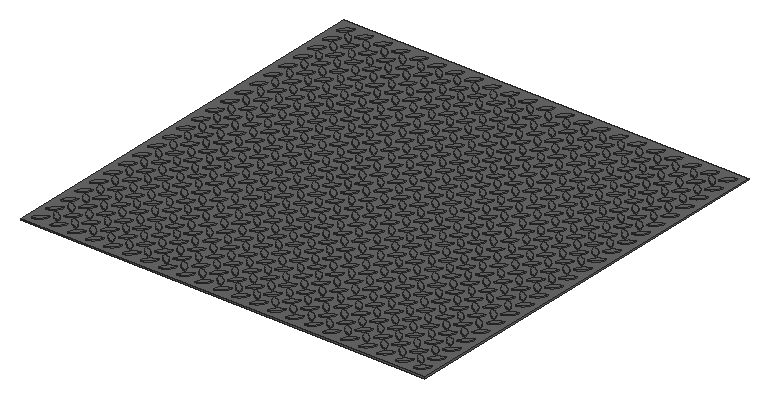
Revit family "141012021113804", category Modelos genéricos, Revit 2018
Family settings
  Puede alojar armadura = No
  Cota de conector redondo = Diámetro de uso
  Tipo de pieza = Normal
  Se basa en plano de trabajo = No
  Siempre vertical = No
  Corte con vacíos al cargar = No
  Compartido = No
  Punto de cálculo de habitación = No
Parameters (values of type "PISO DIAMANTADO GOMA 1MTX3MM NEGRO ROLLO 20MT")
  Ventajas = ""
  Uso = "Es un producto que se puede instala en los descansos de las escaleras o tambien en\r\npisos de medio o alto tráfico cómo pasillos de edificios, aeropuertos, entre otros. Es una\r\nsolución fabricada en caucho natural con diseños antideslizantes. Ideal para: Edificios Públicos y Privados, Colegios, Universidades, Centros comerciales, Aeropuertos, Hoteles,\r\nEdificios Habitacionales, entre otros."
  Unidad = "Rollo 20m."
  URL = "https://www.empresascnp.cl/"
  Num SKUs = "141012021113804"
  Nombre SKU = "PISO DIAMANTADO GOMA 1MTX3MM NEGRO ROLLO 20MT"
  Modelo = "PISO DIAMANTADO GOMA"
  Material = Goma negro
  Url Ficha tecnica = "https://empresascnp.cl/wp-content/uploads//pdf/ficha-tecnica-piso-estoperol-goma-1mtx3mm-negro-rollo-20mt.pdf"
  Largo = 1000.00 mm
  Espesor = 3.00 mm
  Empresa = "CNP SPA."
  Dureza = ""
  Dimension = 1000.00 mm
  Descripción = "Piso Diamantado antideslizante"
  Contacto = "info@empresascnp.cl"
  Color = "Negro"
  Aplicacion = "Donde se requiera una solucion antideslizante en solados."
  Alto = 3.00 mm
Reference planes
  plane 1 "Center F/B": y = 0
  plane 2: z = 0
  plane 3 "Center L/R": x = 0
  plane 4: z = -8
  plane 5 "2": y = 500
  plane 6 "3": y = -500
  plane 7: x = 1000
  plane 8: z = -2
  plane 9 "4": x = 2
Forms (mm)
  Extrusion 1, solid, material "Goma negro" <- "Material"
    sketch origin (0, 0, 4) x (1, 0, 0) y (0, 0, 1)
      loop
        line (0, -4) -> (0, -7) -> (1000, -7) -> (1000, -4) -> (0, -4)
    from -500 to 500
  Blend 2, solid, material "Goma negro" <- "Material", detail levels fine
    base sketch origin (628.555, 305.994, 0) x (0.707107, -0.707107, 0) y (0.707107, 0.707107, 0)
      loop
        arc (792.83, -290.22) -> (787.479, -307.273) -> (792.83, -324.327) r 29.852
        arc (792.83, -324.327) -> (793.684, -324.773) -> (794.539, -324.327) r 1.041
        arc (794.539, -324.327) -> (799.889, -307.273) -> (794.539, -290.22) r 29.852
        arc (794.539, -290.22) -> (793.684, -289.773) -> (792.83, -290.22) r 1.041
    top sketch origin (628.555, 305.994, 0) x (0.707107, -0.707107, 0) y (0.707107, 0.707107, 0)
      loop
        arc (792.83, -290.22) -> (787.479, -307.273) -> (792.83, -324.327) r 29.852
        arc (792.83, -324.327) -> (793.684, -324.773) -> (794.539, -324.327) r 1.041
        arc (794.539, -324.327) -> (799.889, -307.273) -> (794.539, -290.22) r 29.852
        arc (794.539, -290.22) -> (793.684, -289.773) -> (792.83, -290.22) r 1.041
    from 0 to 1
  Blend 3, solid, material "Goma negro" <- "Material", detail levels fine
    base sketch origin (583.555, 305.994, 0) x (0.707107, -0.707107, 0) y (0.707107, 0.707107, 0)
      loop
        arc (792.83, -290.22) -> (787.479, -307.273) -> (792.83, -324.327) r 29.852
        arc (792.83, -324.327) -> (793.684, -324.773) -> (794.539, -324.327) r 1.041
        arc (794.539, -324.327) -> (799.889, -307.273) -> (794.539, -290.22) r 29.852
        arc (794.539, -290.22) -> (793.684, -289.773) -> (792.83, -290.22) r 1.041
    top sketch origin (583.555, 305.994, 0) x (0.707107, -0.707107, 0) y (0.707107, 0.707107, 0)
      loop
        arc (792.83, -290.22) -> (787.479, -307.273) -> (792.83, -324.327) r 29.852
        arc (792.83, -324.327) -> (793.684, -324.773) -> (794.539, -324.327) r 1.041
        arc (794.539, -324.327) -> (799.889, -307.273) -> (794.539, -290.22) r 29.852
        arc (794.539, -290.22) -> (793.684, -289.773) -> (792.83, -290.22) r 1.041
    from 0 to 1
  Blend 4, solid, material "Goma negro" <- "Material", detail levels fine
    base sketch origin (1728.494, -106.055, 0) x (-0.707107, -0.707107, 0) y (0.707107, -0.707107, 0)
      loop
        arc (792.83, -290.22) -> (787.479, -307.273) -> (792.83, -324.327) r 29.852
        arc (792.83, -324.327) -> (793.684, -324.773) -> (794.539, -324.327) r 1.041
        arc (794.539, -324.327) -> (799.889, -307.273) -> (794.539, -290.22) r 29.852
        arc (794.539, -290.22) -> (793.684, -289.773) -> (792.83, -290.22) r 1.041
    top sketch origin (1728.494, -106.055, 0) x (-0.707107, -0.707107, 0) y (0.707107, -0.707107, 0)
      loop
        arc (792.83, -290.22) -> (787.479, -307.273) -> (792.83, -324.327) r 29.852
        arc (792.83, -324.327) -> (793.684, -324.773) -> (794.539, -324.327) r 1.041
        arc (794.539, -324.327) -> (799.889, -307.273) -> (794.539, -290.22) r 29.852
        arc (794.539, -290.22) -> (793.684, -289.773) -> (792.83, -290.22) r 1.041
    from 0 to 1
  Blend 5, solid, material "Goma negro" <- "Material", detail levels fine
    base sketch origin (538.555, 305.994, 0) x (0.707107, -0.707107, 0) y (0.707107, 0.707107, 0)
      loop
        arc (792.83, -290.22) -> (787.479, -307.273) -> (792.83, -324.327) r 29.852
        arc (792.83, -324.327) -> (793.684, -324.773) -> (794.539, -324.327) r 1.041
        arc (794.539, -324.327) -> (799.889, -307.273) -> (794.539, -290.22) r 29.852
        arc (794.539, -290.22) -> (793.684, -289.773) -> (792.83, -290.22) r 1.041
    top sketch origin (538.555, 305.994, 0) x (0.707107, -0.707107, 0) y (0.707107, 0.707107, 0)
      loop
        arc (792.83, -290.22) -> (787.479, -307.273) -> (792.83, -324.327) r 29.852
        arc (792.83, -324.327) -> (793.684, -324.773) -> (794.539, -324.327) r 1.041
        arc (794.539, -324.327) -> (799.889, -307.273) -> (794.539, -290.22) r 29.852
        arc (794.539, -290.22) -> (793.684, -289.773) -> (792.83, -290.22) r 1.041
    from 0 to 1
  Blend 6, solid, material "Goma negro" <- "Material", detail levels fine
    base sketch origin (1683.494, -106.055, 0) x (-0.707107, -0.707107, 0) y (0.707107, -0.707107, 0)
      loop
        arc (792.83, -290.22) -> (787.479, -307.273) -> (792.83, -324.327) r 29.852
        arc (792.83, -324.327) -> (793.684, -324.773) -> (794.539, -324.327) r 1.041
        arc (794.539, -324.327) -> (799.889, -307.273) -> (794.539, -290.22) r 29.852
        arc (794.539, -290.22) -> (793.684, -289.773) -> (792.83, -290.22) r 1.041
    top sketch origin (1683.494, -106.055, 0) x (-0.707107, -0.707107, 0) y (0.707107, -0.707107, 0)
      loop
        arc (792.83, -290.22) -> (787.479, -307.273) -> (792.83, -324.327) r 29.852
        arc (792.83, -324.327) -> (793.684, -324.773) -> (794.539, -324.327) r 1.041
        arc (794.539, -324.327) -> (799.889, -307.273) -> (794.539, -290.22) r 29.852
        arc (794.539, -290.22) -> (793.684, -289.773) -> (792.83, -290.22) r 1.041
    from 0 to 1
  Blend 7, solid, material "Goma negro" <- "Material", detail levels fine
    base sketch origin (493.555, 305.994, 0) x (0.707107, -0.707107, 0) y (0.707107, 0.707107, 0)
      loop
        arc (792.83, -290.22) -> (787.479, -307.273) -> (792.83, -324.327) r 29.852
        arc (792.83, -324.327) -> (793.684, -324.773) -> (794.539, -324.327) r 1.041
        arc (794.539, -324.327) -> (799.889, -307.273) -> (794.539, -290.22) r 29.852
        arc (794.539, -290.22) -> (793.684, -289.773) -> (792.83, -290.22) r 1.041
    top sketch origin (493.555, 305.994, 0) x (0.707107, -0.707107, 0) y (0.707107, 0.707107, 0)
      loop
        arc (792.83, -290.22) -> (787.479, -307.273) -> (792.83, -324.327) r 29.852
        arc (792.83, -324.327) -> (793.684, -324.773) -> (794.539, -324.327) r 1.041
        arc (794.539, -324.327) -> (799.889, -307.273) -> (794.539, -290.22) r 29.852
        arc (794.539, -290.22) -> (793.684, -289.773) -> (792.83, -290.22) r 1.041
    from 0 to 1
  Blend 8, solid, material "Goma negro" <- "Material", detail levels fine
    base sketch origin (1638.494, -106.055, 0) x (-0.707107, -0.707107, 0) y (0.707107, -0.707107, 0)
      loop
        arc (792.83, -290.22) -> (787.479, -307.273) -> (792.83, -324.327) r 29.852
        arc (792.83, -324.327) -> (793.684, -324.773) -> (794.539, -324.327) r 1.041
        arc (794.539, -324.327) -> (799.889, -307.273) -> (794.539, -290.22) r 29.852
        arc (794.539, -290.22) -> (793.684, -289.773) -> (792.83, -290.22) r 1.041
    top sketch origin (1638.494, -106.055, 0) x (-0.707107, -0.707107, 0) y (0.707107, -0.707107, 0)
      loop
        arc (792.83, -290.22) -> (787.479, -307.273) -> (792.83, -324.327) r 29.852
        arc (792.83, -324.327) -> (793.684, -324.773) -> (794.539, -324.327) r 1.041
        arc (794.539, -324.327) -> (799.889, -307.273) -> (794.539, -290.22) r 29.852
        arc (794.539, -290.22) -> (793.684, -289.773) -> (792.83, -290.22) r 1.041
    from 0 to 1
  Blend 9, solid, material "Goma negro" <- "Material", detail levels fine
    base sketch origin (448.555, 305.994, 0) x (0.707107, -0.707107, 0) y (0.707107, 0.707107, 0)
      loop
        arc (792.83, -290.22) -> (787.479, -307.273) -> (792.83, -324.327) r 29.852
        arc (792.83, -324.327) -> (793.684, -324.773) -> (794.539, -324.327) r 1.041
        arc (794.539, -324.327) -> (799.889, -307.273) -> (794.539, -290.22) r 29.852
        arc (794.539, -290.22) -> (793.684, -289.773) -> (792.83, -290.22) r 1.041
    top sketch origin (448.555, 305.994, 0) x (0.707107, -0.707107, 0) y (0.707107, 0.707107, 0)
      loop
        arc (792.83, -290.22) -> (787.479, -307.273) -> (792.83, -324.327) r 29.852
        arc (792.83, -324.327) -> (793.684, -324.773) -> (794.539, -324.327) r 1.041
        arc (794.539, -324.327) -> (799.889, -307.273) -> (794.539, -290.22) r 29.852
        arc (794.539, -290.22) -> (793.684, -289.773) -> (792.83, -290.22) r 1.041
    from 0 to 1
  Blend 10, solid, material "Goma negro" <- "Material", detail levels fine
    base sketch origin (1593.494, -106.055, 0) x (-0.707107, -0.707107, 0) y (0.707107, -0.707107, 0)
      loop
        arc (792.83, -290.22) -> (787.479, -307.273) -> (792.83, -324.327) r 29.852
        arc (792.83, -324.327) -> (793.684, -324.773) -> (794.539, -324.327) r 1.041
        arc (794.539, -324.327) -> (799.889, -307.273) -> (794.539, -290.22) r 29.852
        arc (794.539, -290.22) -> (793.684, -289.773) -> (792.83, -290.22) r 1.041
    top sketch origin (1593.494, -106.055, 0) x (-0.707107, -0.707107, 0) y (0.707107, -0.707107, 0)
      loop
        arc (792.83, -290.22) -> (787.479, -307.273) -> (792.83, -324.327) r 29.852
        arc (792.83, -324.327) -> (793.684, -324.773) -> (794.539, -324.327) r 1.041
        arc (794.539, -324.327) -> (799.889, -307.273) -> (794.539, -290.22) r 29.852
        arc (794.539, -290.22) -> (793.684, -289.773) -> (792.83, -290.22) r 1.041
    from 0 to 1
  Blend 11, solid, material "Goma negro" <- "Material", detail levels fine
    base sketch origin (403.555, 305.994, 0) x (0.707107, -0.707107, 0) y (0.707107, 0.707107, 0)
      loop
        arc (792.83, -290.22) -> (787.479, -307.273) -> (792.83, -324.327) r 29.852
        arc (792.83, -324.327) -> (793.684, -324.773) -> (794.539, -324.327) r 1.041
        arc (794.539, -324.327) -> (799.889, -307.273) -> (794.539, -290.22) r 29.852
        arc (794.539, -290.22) -> (793.684, -289.773) -> (792.83, -290.22) r 1.041
    top sketch origin (403.555, 305.994, 0) x (0.707107, -0.707107, 0) y (0.707107, 0.707107, 0)
      loop
        arc (792.83, -290.22) -> (787.479, -307.273) -> (792.83, -324.327) r 29.852
        arc (792.83, -324.327) -> (793.684, -324.773) -> (794.539, -324.327) r 1.041
        arc (794.539, -324.327) -> (799.889, -307.273) -> (794.539, -290.22) r 29.852
        arc (794.539, -290.22) -> (793.684, -289.773) -> (792.83, -290.22) r 1.041
    from 0 to 1
  Blend 12, solid, material "Goma negro" <- "Material", detail levels fine
    base sketch origin (1548.494, -106.055, 0) x (-0.707107, -0.707107, 0) y (0.707107, -0.707107, 0)
      loop
        arc (792.83, -290.22) -> (787.479, -307.273) -> (792.83, -324.327) r 29.852
        arc (792.83, -324.327) -> (793.684, -324.773) -> (794.539, -324.327) r 1.041
        arc (794.539, -324.327) -> (799.889, -307.273) -> (794.539, -290.22) r 29.852
        arc (794.539, -290.22) -> (793.684, -289.773) -> (792.83, -290.22) r 1.041
    top sketch origin (1548.494, -106.055, 0) x (-0.707107, -0.707107, 0) y (0.707107, -0.707107, 0)
      loop
        arc (792.83, -290.22) -> (787.479, -307.273) -> (792.83, -324.327) r 29.852
        arc (792.83, -324.327) -> (793.684, -324.773) -> (794.539, -324.327) r 1.041
        arc (794.539, -324.327) -> (799.889, -307.273) -> (794.539, -290.22) r 29.852
        arc (794.539, -290.22) -> (793.684, -289.773) -> (792.83, -290.22) r 1.041
    from 0 to 1
  Blend 13, solid, material "Goma negro" <- "Material", detail levels fine
    base sketch origin (358.555, 305.994, 0) x (0.707107, -0.707107, 0) y (0.707107, 0.707107, 0)
      loop
        arc (792.83, -290.22) -> (787.479, -307.273) -> (792.83, -324.327) r 29.852
        arc (792.83, -324.327) -> (793.684, -324.773) -> (794.539, -324.327) r 1.041
        arc (794.539, -324.327) -> (799.889, -307.273) -> (794.539, -290.22) r 29.852
        arc (794.539, -290.22) -> (793.684, -289.773) -> (792.83, -290.22) r 1.041
    top sketch origin (358.555, 305.994, 0) x (0.707107, -0.707107, 0) y (0.707107, 0.707107, 0)
      loop
        arc (792.83, -290.22) -> (787.479, -307.273) -> (792.83, -324.327) r 29.852
        arc (792.83, -324.327) -> (793.684, -324.773) -> (794.539, -324.327) r 1.041
        arc (794.539, -324.327) -> (799.889, -307.273) -> (794.539, -290.22) r 29.852
        arc (794.539, -290.22) -> (793.684, -289.773) -> (792.83, -290.22) r 1.041
    from 0 to 1
  Blend 14, solid, material "Goma negro" <- "Material", detail levels fine
    base sketch origin (1503.494, -106.055, 0) x (-0.707107, -0.707107, 0) y (0.707107, -0.707107, 0)
      loop
        arc (792.83, -290.22) -> (787.479, -307.273) -> (792.83, -324.327) r 29.852
        arc (792.83, -324.327) -> (793.684, -324.773) -> (794.539, -324.327) r 1.041
        arc (794.539, -324.327) -> (799.889, -307.273) -> (794.539, -290.22) r 29.852
        arc (794.539, -290.22) -> (793.684, -289.773) -> (792.83, -290.22) r 1.041
    top sketch origin (1503.494, -106.055, 0) x (-0.707107, -0.707107, 0) y (0.707107, -0.707107, 0)
      loop
        arc (792.83, -290.22) -> (787.479, -307.273) -> (792.83, -324.327) r 29.852
        arc (792.83, -324.327) -> (793.684, -324.773) -> (794.539, -324.327) r 1.041
        arc (794.539, -324.327) -> (799.889, -307.273) -> (794.539, -290.22) r 29.852
        arc (794.539, -290.22) -> (793.684, -289.773) -> (792.83, -290.22) r 1.041
    from 0 to 1
  Blend 15, solid, material "Goma negro" <- "Material", detail levels fine
    base sketch origin (313.555, 305.994, 0) x (0.707107, -0.707107, 0) y (0.707107, 0.707107, 0)
      loop
        arc (792.83, -290.22) -> (787.479, -307.273) -> (792.83, -324.327) r 29.852
        arc (792.83, -324.327) -> (793.684, -324.773) -> (794.539, -324.327) r 1.041
        arc (794.539, -324.327) -> (799.889, -307.273) -> (794.539, -290.22) r 29.852
        arc (794.539, -290.22) -> (793.684, -289.773) -> (792.83, -290.22) r 1.041
    top sketch origin (313.555, 305.994, 0) x (0.707107, -0.707107, 0) y (0.707107, 0.707107, 0)
      loop
        arc (792.83, -290.22) -> (787.479, -307.273) -> (792.83, -324.327) r 29.852
        arc (792.83, -324.327) -> (793.684, -324.773) -> (794.539, -324.327) r 1.041
        arc (794.539, -324.327) -> (799.889, -307.273) -> (794.539, -290.22) r 29.852
        arc (794.539, -290.22) -> (793.684, -289.773) -> (792.83, -290.22) r 1.041
    from 0 to 1
  Blend 16, solid, material "Goma negro" <- "Material", detail levels fine
    base sketch origin (1458.494, -106.055, 0) x (-0.707107, -0.707107, 0) y (0.707107, -0.707107, 0)
      loop
        arc (792.83, -290.22) -> (787.479, -307.273) -> (792.83, -324.327) r 29.852
        arc (792.83, -324.327) -> (793.684, -324.773) -> (794.539, -324.327) r 1.041
        arc (794.539, -324.327) -> (799.889, -307.273) -> (794.539, -290.22) r 29.852
        arc (794.539, -290.22) -> (793.684, -289.773) -> (792.83, -290.22) r 1.041
    top sketch origin (1458.494, -106.055, 0) x (-0.707107, -0.707107, 0) y (0.707107, -0.707107, 0)
      loop
        arc (792.83, -290.22) -> (787.479, -307.273) -> (792.83, -324.327) r 29.852
        arc (792.83, -324.327) -> (793.684, -324.773) -> (794.539, -324.327) r 1.041
        arc (794.539, -324.327) -> (799.889, -307.273) -> (794.539, -290.22) r 29.852
        arc (794.539, -290.22) -> (793.684, -289.773) -> (792.83, -290.22) r 1.041
    from 0 to 1
  Blend 17, solid, material "Goma negro" <- "Material", detail levels fine
    base sketch origin (268.555, 305.994, 0) x (0.707107, -0.707107, 0) y (0.707107, 0.707107, 0)
      loop
        arc (792.83, -290.22) -> (787.479, -307.273) -> (792.83, -324.327) r 29.852
        arc (792.83, -324.327) -> (793.684, -324.773) -> (794.539, -324.327) r 1.041
        arc (794.539, -324.327) -> (799.889, -307.273) -> (794.539, -290.22) r 29.852
        arc (794.539, -290.22) -> (793.684, -289.773) -> (792.83, -290.22) r 1.041
    top sketch origin (268.555, 305.994, 0) x (0.707107, -0.707107, 0) y (0.707107, 0.707107, 0)
      loop
        arc (792.83, -290.22) -> (787.479, -307.273) -> (792.83, -324.327) r 29.852
        arc (792.83, -324.327) -> (793.684, -324.773) -> (794.539, -324.327) r 1.041
        arc (794.539, -324.327) -> (799.889, -307.273) -> (794.539, -290.22) r 29.852
        arc (794.539, -290.22) -> (793.684, -289.773) -> (792.83, -290.22) r 1.041
    from 0 to 1
  Blend 18, solid, material "Goma negro" <- "Material", detail levels fine
    base sketch origin (1413.494, -106.055, 0) x (-0.707107, -0.707107, 0) y (0.707107, -0.707107, 0)
      loop
        arc (792.83, -290.22) -> (787.479, -307.273) -> (792.83, -324.327) r 29.852
        arc (792.83, -324.327) -> (793.684, -324.773) -> (794.539, -324.327) r 1.041
        arc (794.539, -324.327) -> (799.889, -307.273) -> (794.539, -290.22) r 29.852
        arc (794.539, -290.22) -> (793.684, -289.773) -> (792.83, -290.22) r 1.041
    top sketch origin (1413.494, -106.055, 0) x (-0.707107, -0.707107, 0) y (0.707107, -0.707107, 0)
      loop
        arc (792.83, -290.22) -> (787.479, -307.273) -> (792.83, -324.327) r 29.852
        arc (792.83, -324.327) -> (793.684, -324.773) -> (794.539, -324.327) r 1.041
        arc (794.539, -324.327) -> (799.889, -307.273) -> (794.539, -290.22) r 29.852
        arc (794.539, -290.22) -> (793.684, -289.773) -> (792.83, -290.22) r 1.041
    from 0 to 1
  Blend 19, solid, material "Goma negro" <- "Material", detail levels fine
    base sketch origin (223.555, 305.994, 0) x (0.707107, -0.707107, 0) y (0.707107, 0.707107, 0)
      loop
        arc (792.83, -290.22) -> (787.479, -307.273) -> (792.83, -324.327) r 29.852
        arc (792.83, -324.327) -> (793.684, -324.773) -> (794.539, -324.327) r 1.041
        arc (794.539, -324.327) -> (799.889, -307.273) -> (794.539, -290.22) r 29.852
        arc (794.539, -290.22) -> (793.684, -289.773) -> (792.83, -290.22) r 1.041
    top sketch origin (223.555, 305.994, 0) x (0.707107, -0.707107, 0) y (0.707107, 0.707107, 0)
      loop
        arc (792.83, -290.22) -> (787.479, -307.273) -> (792.83, -324.327) r 29.852
        arc (792.83, -324.327) -> (793.684, -324.773) -> (794.539, -324.327) r 1.041
        arc (794.539, -324.327) -> (799.889, -307.273) -> (794.539, -290.22) r 29.852
        arc (794.539, -290.22) -> (793.684, -289.773) -> (792.83, -290.22) r 1.041
    from 0 to 1
  Blend 20, solid, material "Goma negro" <- "Material", detail levels fine
    base sketch origin (1368.494, -106.055, 0) x (-0.707107, -0.707107, 0) y (0.707107, -0.707107, 0)
      loop
        arc (792.83, -290.22) -> (787.479, -307.273) -> (792.83, -324.327) r 29.852
        arc (792.83, -324.327) -> (793.684, -324.773) -> (794.539, -324.327) r 1.041
        arc (794.539, -324.327) -> (799.889, -307.273) -> (794.539, -290.22) r 29.852
        arc (794.539, -290.22) -> (793.684, -289.773) -> (792.83, -290.22) r 1.041
    top sketch origin (1368.494, -106.055, 0) x (-0.707107, -0.707107, 0) y (0.707107, -0.707107, 0)
      loop
        arc (792.83, -290.22) -> (787.479, -307.273) -> (792.83, -324.327) r 29.852
        arc (792.83, -324.327) -> (793.684, -324.773) -> (794.539, -324.327) r 1.041
        arc (794.539, -324.327) -> (799.889, -307.273) -> (794.539, -290.22) r 29.852
        arc (794.539, -290.22) -> (793.684, -289.773) -> (792.83, -290.22) r 1.041
    from 0 to 1
  Blend 21, solid, material "Goma negro" <- "Material", detail levels fine
    base sketch origin (178.555, 305.994, 0) x (0.707107, -0.707107, 0) y (0.707107, 0.707107, 0)
      loop
        arc (792.83, -290.22) -> (787.479, -307.273) -> (792.83, -324.327) r 29.852
        arc (792.83, -324.327) -> (793.684, -324.773) -> (794.539, -324.327) r 1.041
        arc (794.539, -324.327) -> (799.889, -307.273) -> (794.539, -290.22) r 29.852
        arc (794.539, -290.22) -> (793.684, -289.773) -> (792.83, -290.22) r 1.041
    top sketch origin (178.555, 305.994, 0) x (0.707107, -0.707107, 0) y (0.707107, 0.707107, 0)
      loop
        arc (792.83, -290.22) -> (787.479, -307.273) -> (792.83, -324.327) r 29.852
        arc (792.83, -324.327) -> (793.684, -324.773) -> (794.539, -324.327) r 1.041
        arc (794.539, -324.327) -> (799.889, -307.273) -> (794.539, -290.22) r 29.852
        arc (794.539, -290.22) -> (793.684, -289.773) -> (792.83, -290.22) r 1.041
    from 0 to 1
  Blend 22, solid, material "Goma negro" <- "Material", detail levels fine
    base sketch origin (1323.494, -106.055, 0) x (-0.707107, -0.707107, 0) y (0.707107, -0.707107, 0)
      loop
        arc (792.83, -290.22) -> (787.479, -307.273) -> (792.83, -324.327) r 29.852
        arc (792.83, -324.327) -> (793.684, -324.773) -> (794.539, -324.327) r 1.041
        arc (794.539, -324.327) -> (799.889, -307.273) -> (794.539, -290.22) r 29.852
        arc (794.539, -290.22) -> (793.684, -289.773) -> (792.83, -290.22) r 1.041
    top sketch origin (1323.494, -106.055, 0) x (-0.707107, -0.707107, 0) y (0.707107, -0.707107, 0)
      loop
        arc (792.83, -290.22) -> (787.479, -307.273) -> (792.83, -324.327) r 29.852
        arc (792.83, -324.327) -> (793.684, -324.773) -> (794.539, -324.327) r 1.041
        arc (794.539, -324.327) -> (799.889, -307.273) -> (794.539, -290.22) r 29.852
        arc (794.539, -290.22) -> (793.684, -289.773) -> (792.83, -290.22) r 1.041
    from 0 to 1
  Blend 23, solid, material "Goma negro" <- "Material", detail levels fine
    base sketch origin (133.555, 305.994, 0) x (0.707107, -0.707107, 0) y (0.707107, 0.707107, 0)
      loop
        arc (792.83, -290.22) -> (787.479, -307.273) -> (792.83, -324.327) r 29.852
        arc (792.83, -324.327) -> (793.684, -324.773) -> (794.539, -324.327) r 1.041
        arc (794.539, -324.327) -> (799.889, -307.273) -> (794.539, -290.22) r 29.852
        arc (794.539, -290.22) -> (793.684, -289.773) -> (792.83, -290.22) r 1.041
    top sketch origin (133.555, 305.994, 0) x (0.707107, -0.707107, 0) y (0.707107, 0.707107, 0)
      loop
        arc (792.83, -290.22) -> (787.479, -307.273) -> (792.83, -324.327) r 29.852
        arc (792.83, -324.327) -> (793.684, -324.773) -> (794.539, -324.327) r 1.041
        arc (794.539, -324.327) -> (799.889, -307.273) -> (794.539, -290.22) r 29.852
        arc (794.539, -290.22) -> (793.684, -289.773) -> (792.83, -290.22) r 1.041
    from 0 to 1
  Blend 24, solid, material "Goma negro" <- "Material", detail levels fine
    base sketch origin (1278.494, -106.055, 0) x (-0.707107, -0.707107, 0) y (0.707107, -0.707107, 0)
      loop
        arc (792.83, -290.22) -> (787.479, -307.273) -> (792.83, -324.327) r 29.852
        arc (792.83, -324.327) -> (793.684, -324.773) -> (794.539, -324.327) r 1.041
        arc (794.539, -324.327) -> (799.889, -307.273) -> (794.539, -290.22) r 29.852
        arc (794.539, -290.22) -> (793.684, -289.773) -> (792.83, -290.22) r 1.041
    top sketch origin (1278.494, -106.055, 0) x (-0.707107, -0.707107, 0) y (0.707107, -0.707107, 0)
      loop
        arc (792.83, -290.22) -> (787.479, -307.273) -> (792.83, -324.327) r 29.852
        arc (792.83, -324.327) -> (793.684, -324.773) -> (794.539, -324.327) r 1.041
        arc (794.539, -324.327) -> (799.889, -307.273) -> (794.539, -290.22) r 29.852
        arc (794.539, -290.22) -> (793.684, -289.773) -> (792.83, -290.22) r 1.041
    from 0 to 1
  Blend 25, solid, material "Goma negro" <- "Material", detail levels fine
    base sketch origin (88.555, 305.994, 0) x (0.707107, -0.707107, 0) y (0.707107, 0.707107, 0)
      loop
        arc (792.83, -290.22) -> (787.479, -307.273) -> (792.83, -324.327) r 29.852
        arc (792.83, -324.327) -> (793.684, -324.773) -> (794.539, -324.327) r 1.041
        arc (794.539, -324.327) -> (799.889, -307.273) -> (794.539, -290.22) r 29.852
        arc (794.539, -290.22) -> (793.684, -289.773) -> (792.83, -290.22) r 1.041
    top sketch origin (88.555, 305.994, 0) x (0.707107, -0.707107, 0) y (0.707107, 0.707107, 0)
      loop
        arc (792.83, -290.22) -> (787.479, -307.273) -> (792.83, -324.327) r 29.852
        arc (792.83, -324.327) -> (793.684, -324.773) -> (794.539, -324.327) r 1.041
        arc (794.539, -324.327) -> (799.889, -307.273) -> (794.539, -290.22) r 29.852
        arc (794.539, -290.22) -> (793.684, -289.773) -> (792.83, -290.22) r 1.041
    from 0 to 1
  Blend 26, solid, material "Goma negro" <- "Material", detail levels fine
    base sketch origin (1233.494, -106.055, 0) x (-0.707107, -0.707107, 0) y (0.707107, -0.707107, 0)
      loop
        arc (792.83, -290.22) -> (787.479, -307.273) -> (792.83, -324.327) r 29.852
        arc (792.83, -324.327) -> (793.684, -324.773) -> (794.539, -324.327) r 1.041
        arc (794.539, -324.327) -> (799.889, -307.273) -> (794.539, -290.22) r 29.852
        arc (794.539, -290.22) -> (793.684, -289.773) -> (792.83, -290.22) r 1.041
    top sketch origin (1233.494, -106.055, 0) x (-0.707107, -0.707107, 0) y (0.707107, -0.707107, 0)
      loop
        arc (792.83, -290.22) -> (787.479, -307.273) -> (792.83, -324.327) r 29.852
        arc (792.83, -324.327) -> (793.684, -324.773) -> (794.539, -324.327) r 1.041
        arc (794.539, -324.327) -> (799.889, -307.273) -> (794.539, -290.22) r 29.852
        arc (794.539, -290.22) -> (793.684, -289.773) -> (792.83, -290.22) r 1.041
    from 0 to 1
  Blend 27, solid, material "Goma negro" <- "Material", detail levels fine
    base sketch origin (43.555, 305.994, 0) x (0.707107, -0.707107, 0) y (0.707107, 0.707107, 0)
      loop
        arc (792.83, -290.22) -> (787.479, -307.273) -> (792.83, -324.327) r 29.852
        arc (792.83, -324.327) -> (793.684, -324.773) -> (794.539, -324.327) r 1.041
        arc (794.539, -324.327) -> (799.889, -307.273) -> (794.539, -290.22) r 29.852
        arc (794.539, -290.22) -> (793.684, -289.773) -> (792.83, -290.22) r 1.041
    top sketch origin (43.555, 305.994, 0) x (0.707107, -0.707107, 0) y (0.707107, 0.707107, 0)
      loop
        arc (792.83, -290.22) -> (787.479, -307.273) -> (792.83, -324.327) r 29.852
        arc (792.83, -324.327) -> (793.684, -324.773) -> (794.539, -324.327) r 1.041
        arc (794.539, -324.327) -> (799.889, -307.273) -> (794.539, -290.22) r 29.852
        arc (794.539, -290.22) -> (793.684, -289.773) -> (792.83, -290.22) r 1.041
    from 0 to 1
  Blend 28, solid, material "Goma negro" <- "Material", detail levels fine
    base sketch origin (1188.494, -106.055, 0) x (-0.707107, -0.707107, 0) y (0.707107, -0.707107, 0)
      loop
        arc (792.83, -290.22) -> (787.479, -307.273) -> (792.83, -324.327) r 29.852
        arc (792.83, -324.327) -> (793.684, -324.773) -> (794.539, -324.327) r 1.041
        arc (794.539, -324.327) -> (799.889, -307.273) -> (794.539, -290.22) r 29.852
        arc (794.539, -290.22) -> (793.684, -289.773) -> (792.83, -290.22) r 1.041
    top sketch origin (1188.494, -106.055, 0) x (-0.707107, -0.707107, 0) y (0.707107, -0.707107, 0)
      loop
        arc (792.83, -290.22) -> (787.479, -307.273) -> (792.83, -324.327) r 29.852
        arc (792.83, -324.327) -> (793.684, -324.773) -> (794.539, -324.327) r 1.041
        arc (794.539, -324.327) -> (799.889, -307.273) -> (794.539, -290.22) r 29.852
        arc (794.539, -290.22) -> (793.684, -289.773) -> (792.83, -290.22) r 1.041
    from 0 to 1
  Blend 29, solid, material "Goma negro" <- "Material", detail levels fine
    base sketch origin (-1.445, 305.994, 0) x (0.707107, -0.707107, 0) y (0.707107, 0.707107, 0)
      loop
        arc (792.83, -290.22) -> (787.479, -307.273) -> (792.83, -324.327) r 29.852
        arc (792.83, -324.327) -> (793.684, -324.773) -> (794.539, -324.327) r 1.041
        arc (794.539, -324.327) -> (799.889, -307.273) -> (794.539, -290.22) r 29.852
        arc (794.539, -290.22) -> (793.684, -289.773) -> (792.83, -290.22) r 1.041
    top sketch origin (-1.445, 305.994, 0) x (0.707107, -0.707107, 0) y (0.707107, 0.707107, 0)
      loop
        arc (792.83, -290.22) -> (787.479, -307.273) -> (792.83, -324.327) r 29.852
        arc (792.83, -324.327) -> (793.684, -324.773) -> (794.539, -324.327) r 1.041
        arc (794.539, -324.327) -> (799.889, -307.273) -> (794.539, -290.22) r 29.852
        arc (794.539, -290.22) -> (793.684, -289.773) -> (792.83, -290.22) r 1.041
    from 0 to 1
  Blend 30, solid, material "Goma negro" <- "Material", detail levels fine
    base sketch origin (1143.494, -106.055, 0) x (-0.707107, -0.707107, 0) y (0.707107, -0.707107, 0)
      loop
        arc (792.83, -290.22) -> (787.479, -307.273) -> (792.83, -324.327) r 29.852
        arc (792.83, -324.327) -> (793.684, -324.773) -> (794.539, -324.327) r 1.041
        arc (794.539, -324.327) -> (799.889, -307.273) -> (794.539, -290.22) r 29.852
        arc (794.539, -290.22) -> (793.684, -289.773) -> (792.83, -290.22) r 1.041
    top sketch origin (1143.494, -106.055, 0) x (-0.707107, -0.707107, 0) y (0.707107, -0.707107, 0)
      loop
        arc (792.83, -290.22) -> (787.479, -307.273) -> (792.83, -324.327) r 29.852
        arc (792.83, -324.327) -> (793.684, -324.773) -> (794.539, -324.327) r 1.041
        arc (794.539, -324.327) -> (799.889, -307.273) -> (794.539, -290.22) r 29.852
        arc (794.539, -290.22) -> (793.684, -289.773) -> (792.83, -290.22) r 1.041
    from 0 to 1
  Blend 31, solid, material "Goma negro" <- "Material", detail levels fine
    base sketch origin (-46.445, 305.994, 0) x (0.707107, -0.707107, 0) y (0.707107, 0.707107, 0)
      loop
        arc (792.83, -290.22) -> (787.479, -307.273) -> (792.83, -324.327) r 29.852
        arc (792.83, -324.327) -> (793.684, -324.773) -> (794.539, -324.327) r 1.041
        arc (794.539, -324.327) -> (799.889, -307.273) -> (794.539, -290.22) r 29.852
        arc (794.539, -290.22) -> (793.684, -289.773) -> (792.83, -290.22) r 1.041
    top sketch origin (-46.445, 305.994, 0) x (0.707107, -0.707107, 0) y (0.707107, 0.707107, 0)
      loop
        arc (792.83, -290.22) -> (787.479, -307.273) -> (792.83, -324.327) r 29.852
        arc (792.83, -324.327) -> (793.684, -324.773) -> (794.539, -324.327) r 1.041
        arc (794.539, -324.327) -> (799.889, -307.273) -> (794.539, -290.22) r 29.852
        arc (794.539, -290.22) -> (793.684, -289.773) -> (792.83, -290.22) r 1.041
    from 0 to 1
  Blend 32, solid, material "Goma negro" <- "Material", detail levels fine
    base sketch origin (1098.494, -106.055, 0) x (-0.707107, -0.707107, 0) y (0.707107, -0.707107, 0)
      loop
        arc (792.83, -290.22) -> (787.479, -307.273) -> (792.83, -324.327) r 29.852
        arc (792.83, -324.327) -> (793.684, -324.773) -> (794.539, -324.327) r 1.041
        arc (794.539, -324.327) -> (799.889, -307.273) -> (794.539, -290.22) r 29.852
        arc (794.539, -290.22) -> (793.684, -289.773) -> (792.83, -290.22) r 1.041
    top sketch origin (1098.494, -106.055, 0) x (-0.707107, -0.707107, 0) y (0.707107, -0.707107, 0)
      loop
        arc (792.83, -290.22) -> (787.479, -307.273) -> (792.83, -324.327) r 29.852
        arc (792.83, -324.327) -> (793.684, -324.773) -> (794.539, -324.327) r 1.041
        arc (794.539, -324.327) -> (799.889, -307.273) -> (794.539, -290.22) r 29.852
        arc (794.539, -290.22) -> (793.684, -289.773) -> (792.83, -290.22) r 1.041
    from 0 to 1
  Blend 33, solid, material "Goma negro" <- "Material", detail levels fine
    base sketch origin (-91.445, 305.994, 0) x (0.707107, -0.707107, 0) y (0.707107, 0.707107, 0)
      loop
        arc (792.83, -290.22) -> (787.479, -307.273) -> (792.83, -324.327) r 29.852
        arc (792.83, -324.327) -> (793.684, -324.773) -> (794.539, -324.327) r 1.041
        arc (794.539, -324.327) -> (799.889, -307.273) -> (794.539, -290.22) r 29.852
        arc (794.539, -290.22) -> (793.684, -289.773) -> (792.83, -290.22) r 1.041
    top sketch origin (-91.445, 305.994, 0) x (0.707107, -0.707107, 0) y (0.707107, 0.707107, 0)
      loop
        arc (792.83, -290.22) -> (787.479, -307.273) -> (792.83, -324.327) r 29.852
        arc (792.83, -324.327) -> (793.684, -324.773) -> (794.539, -324.327) r 1.041
        arc (794.539, -324.327) -> (799.889, -307.273) -> (794.539, -290.22) r 29.852
        arc (794.539, -290.22) -> (793.684, -289.773) -> (792.83, -290.22) r 1.041
    from 0 to 1
  Blend 34, solid, material "Goma negro" <- "Material", detail levels fine
    base sketch origin (1053.494, -106.055, 0) x (-0.707107, -0.707107, 0) y (0.707107, -0.707107, 0)
      loop
        arc (792.83, -290.22) -> (787.479, -307.273) -> (792.83, -324.327) r 29.852
        arc (792.83, -324.327) -> (793.684, -324.773) -> (794.539, -324.327) r 1.041
        arc (794.539, -324.327) -> (799.889, -307.273) -> (794.539, -290.22) r 29.852
        arc (794.539, -290.22) -> (793.684, -289.773) -> (792.83, -290.22) r 1.041
    top sketch origin (1053.494, -106.055, 0) x (-0.707107, -0.707107, 0) y (0.707107, -0.707107, 0)
      loop
        arc (792.83, -290.22) -> (787.479, -307.273) -> (792.83, -324.327) r 29.852
        arc (792.83, -324.327) -> (793.684, -324.773) -> (794.539, -324.327) r 1.041
        arc (794.539, -324.327) -> (799.889, -307.273) -> (794.539, -290.22) r 29.852
        arc (794.539, -290.22) -> (793.684, -289.773) -> (792.83, -290.22) r 1.041
    from 0 to 1
  Blend 35, solid, material "Goma negro" <- "Material", detail levels fine
    base sketch origin (-136.445, 305.994, 0) x (0.707107, -0.707107, 0) y (0.707107, 0.707107, 0)
      loop
        arc (792.83, -290.22) -> (787.479, -307.273) -> (792.83, -324.327) r 29.852
        arc (792.83, -324.327) -> (793.684, -324.773) -> (794.539, -324.327) r 1.041
        arc (794.539, -324.327) -> (799.889, -307.273) -> (794.539, -290.22) r 29.852
        arc (794.539, -290.22) -> (793.684, -289.773) -> (792.83, -290.22) r 1.041
    top sketch origin (-136.445, 305.994, 0) x (0.707107, -0.707107, 0) y (0.707107, 0.707107, 0)
      loop
        arc (792.83, -290.22) -> (787.479, -307.273) -> (792.83, -324.327) r 29.852
        arc (792.83, -324.327) -> (793.684, -324.773) -> (794.539, -324.327) r 1.041
        arc (794.539, -324.327) -> (799.889, -307.273) -> (794.539, -290.22) r 29.852
        arc (794.539, -290.22) -> (793.684, -289.773) -> (792.83, -290.22) r 1.041
    from 0 to 1
  Blend 36, solid, material "Goma negro" <- "Material", detail levels fine
    base sketch origin (1008.494, -106.055, 0) x (-0.707107, -0.707107, 0) y (0.707107, -0.707107, 0)
      loop
        arc (792.83, -290.22) -> (787.479, -307.273) -> (792.83, -324.327) r 29.852
        arc (792.83, -324.327) -> (793.684, -324.773) -> (794.539, -324.327) r 1.041
        arc (794.539, -324.327) -> (799.889, -307.273) -> (794.539, -290.22) r 29.852
        arc (794.539, -290.22) -> (793.684, -289.773) -> (792.83, -290.22) r 1.041
    top sketch origin (1008.494, -106.055, 0) x (-0.707107, -0.707107, 0) y (0.707107, -0.707107, 0)
      loop
        arc (792.83, -290.22) -> (787.479, -307.273) -> (792.83, -324.327) r 29.852
        arc (792.83, -324.327) -> (793.684, -324.773) -> (794.539, -324.327) r 1.041
        arc (794.539, -324.327) -> (799.889, -307.273) -> (794.539, -290.22) r 29.852
        arc (794.539, -290.22) -> (793.684, -289.773) -> (792.83, -290.22) r 1.041
    from 0 to 1
  Blend 37, solid, material "Goma negro" <- "Material", detail levels fine
    base sketch origin (-181.445, 305.994, 0) x (0.707107, -0.707107, 0) y (0.707107, 0.707107, 0)
      loop
        arc (792.83, -290.22) -> (787.479, -307.273) -> (792.83, -324.327) r 29.852
        arc (792.83, -324.327) -> (793.684, -324.773) -> (794.539, -324.327) r 1.041
        arc (794.539, -324.327) -> (799.889, -307.273) -> (794.539, -290.22) r 29.852
        arc (794.539, -290.22) -> (793.684, -289.773) -> (792.83, -290.22) r 1.041
    top sketch origin (-181.445, 305.994, 0) x (0.707107, -0.707107, 0) y (0.707107, 0.707107, 0)
      loop
        arc (792.83, -290.22) -> (787.479, -307.273) -> (792.83, -324.327) r 29.852
        arc (792.83, -324.327) -> (793.684, -324.773) -> (794.539, -324.327) r 1.041
        arc (794.539, -324.327) -> (799.889, -307.273) -> (794.539, -290.22) r 29.852
        arc (794.539, -290.22) -> (793.684, -289.773) -> (792.83, -290.22) r 1.041
    from 0 to 1
  Blend 38, solid, material "Goma negro" <- "Material", detail levels fine
    base sketch origin (963.494, -106.055, 0) x (-0.707107, -0.707107, 0) y (0.707107, -0.707107, 0)
      loop
        arc (792.83, -290.22) -> (787.479, -307.273) -> (792.83, -324.327) r 29.852
        arc (792.83, -324.327) -> (793.684, -324.773) -> (794.539, -324.327) r 1.041
        arc (794.539, -324.327) -> (799.889, -307.273) -> (794.539, -290.22) r 29.852
        arc (794.539, -290.22) -> (793.684, -289.773) -> (792.83, -290.22) r 1.041
    top sketch origin (963.494, -106.055, 0) x (-0.707107, -0.707107, 0) y (0.707107, -0.707107, 0)
      loop
        arc (792.83, -290.22) -> (787.479, -307.273) -> (792.83, -324.327) r 29.852
        arc (792.83, -324.327) -> (793.684, -324.773) -> (794.539, -324.327) r 1.041
        arc (794.539, -324.327) -> (799.889, -307.273) -> (794.539, -290.22) r 29.852
        arc (794.539, -290.22) -> (793.684, -289.773) -> (792.83, -290.22) r 1.041
    from 0 to 1
  Blend 39, solid, material "Goma negro" <- "Material", detail levels fine
    base sketch origin (-226.445, 305.994, 0) x (0.707107, -0.707107, 0) y (0.707107, 0.707107, 0)
      loop
        arc (792.83, -290.22) -> (787.479, -307.273) -> (792.83, -324.327) r 29.852
        arc (792.83, -324.327) -> (793.684, -324.773) -> (794.539, -324.327) r 1.041
        arc (794.539, -324.327) -> (799.889, -307.273) -> (794.539, -290.22) r 29.852
        arc (794.539, -290.22) -> (793.684, -289.773) -> (792.83, -290.22) r 1.041
    top sketch origin (-226.445, 305.994, 0) x (0.707107, -0.707107, 0) y (0.707107, 0.707107, 0)
      loop
        arc (792.83, -290.22) -> (787.479, -307.273) -> (792.83, -324.327) r 29.852
        arc (792.83, -324.327) -> (793.684, -324.773) -> (794.539, -324.327) r 1.041
        arc (794.539, -324.327) -> (799.889, -307.273) -> (794.539, -290.22) r 29.852
        arc (794.539, -290.22) -> (793.684, -289.773) -> (792.83, -290.22) r 1.041
    from 0 to 1
  Blend 40, solid, material "Goma negro" <- "Material", detail levels fine
    base sketch origin (918.494, -106.055, 0) x (-0.707107, -0.707107, 0) y (0.707107, -0.707107, 0)
      loop
        arc (792.83, -290.22) -> (787.479, -307.273) -> (792.83, -324.327) r 29.852
        arc (792.83, -324.327) -> (793.684, -324.773) -> (794.539, -324.327) r 1.041
        arc (794.539, -324.327) -> (799.889, -307.273) -> (794.539, -290.22) r 29.852
        arc (794.539, -290.22) -> (793.684, -289.773) -> (792.83, -290.22) r 1.041
    top sketch origin (918.494, -106.055, 0) x (-0.707107, -0.707107, 0) y (0.707107, -0.707107, 0)
      loop
        arc (792.83, -290.22) -> (787.479, -307.273) -> (792.83, -324.327) r 29.852
        arc (792.83, -324.327) -> (793.684, -324.773) -> (794.539, -324.327) r 1.041
        arc (794.539, -324.327) -> (799.889, -307.273) -> (794.539, -290.22) r 29.852
        arc (794.539, -290.22) -> (793.684, -289.773) -> (792.83, -290.22) r 1.041
    from 0 to 1
  Blend 41, solid, material "Goma negro" <- "Material", detail levels fine
    base sketch origin (-271.445, 305.994, 0) x (0.707107, -0.707107, 0) y (0.707107, 0.707107, 0)
      loop
        arc (792.83, -290.22) -> (787.479, -307.273) -> (792.83, -324.327) r 29.852
        arc (792.83, -324.327) -> (793.684, -324.773) -> (794.539, -324.327) r 1.041
        arc (794.539, -324.327) -> (799.889, -307.273) -> (794.539, -290.22) r 29.852
        arc (794.539, -290.22) -> (793.684, -289.773) -> (792.83, -290.22) r 1.041
    top sketch origin (-271.445, 305.994, 0) x (0.707107, -0.707107, 0) y (0.707107, 0.707107, 0)
      loop
        arc (792.83, -290.22) -> (787.479, -307.273) -> (792.83, -324.327) r 29.852
        arc (792.83, -324.327) -> (793.684, -324.773) -> (794.539, -324.327) r 1.041
        arc (794.539, -324.327) -> (799.889, -307.273) -> (794.539, -290.22) r 29.852
        arc (794.539, -290.22) -> (793.684, -289.773) -> (792.83, -290.22) r 1.041
    from 0 to 1
  Blend 42, solid, material "Goma negro" <- "Material", detail levels fine
    base sketch origin (873.494, -106.055, 0) x (-0.707107, -0.707107, 0) y (0.707107, -0.707107, 0)
      loop
        arc (792.83, -290.22) -> (787.479, -307.273) -> (792.83, -324.327) r 29.852
        arc (792.83, -324.327) -> (793.684, -324.773) -> (794.539, -324.327) r 1.041
        arc (794.539, -324.327) -> (799.889, -307.273) -> (794.539, -290.22) r 29.852
        arc (794.539, -290.22) -> (793.684, -289.773) -> (792.83, -290.22) r 1.041
    top sketch origin (873.494, -106.055, 0) x (-0.707107, -0.707107, 0) y (0.707107, -0.707107, 0)
      loop
        arc (792.83, -290.22) -> (787.479, -307.273) -> (792.83, -324.327) r 29.852
        arc (792.83, -324.327) -> (793.684, -324.773) -> (794.539, -324.327) r 1.041
        arc (794.539, -324.327) -> (799.889, -307.273) -> (794.539, -290.22) r 29.852
        arc (794.539, -290.22) -> (793.684, -289.773) -> (792.83, -290.22) r 1.041
    from 0 to 1
  Blend 43, solid, material "Goma negro" <- "Material", detail levels fine
    base sketch origin (-316.445, 305.994, 0) x (0.707107, -0.707107, 0) y (0.707107, 0.707107, 0)
      loop
        arc (792.83, -290.22) -> (787.479, -307.273) -> (792.83, -324.327) r 29.852
        arc (792.83, -324.327) -> (793.684, -324.773) -> (794.539, -324.327) r 1.041
        arc (794.539, -324.327) -> (799.889, -307.273) -> (794.539, -290.22) r 29.852
        arc (794.539, -290.22) -> (793.684, -289.773) -> (792.83, -290.22) r 1.041
    top sketch origin (-316.445, 305.994, 0) x (0.707107, -0.707107, 0) y (0.707107, 0.707107, 0)
      loop
        arc (792.83, -290.22) -> (787.479, -307.273) -> (792.83, -324.327) r 29.852
        arc (792.83, -324.327) -> (793.684, -324.773) -> (794.539, -324.327) r 1.041
        arc (794.539, -324.327) -> (799.889, -307.273) -> (794.539, -290.22) r 29.852
        arc (794.539, -290.22) -> (793.684, -289.773) -> (792.83, -290.22) r 1.041
    from 0 to 1
  Blend 44, solid, material "Goma negro" <- "Material", detail levels fine
    base sketch origin (828.494, -106.055, 0) x (-0.707107, -0.707107, 0) y (0.707107, -0.707107, 0)
      loop
        arc (792.83, -290.22) -> (787.479, -307.273) -> (792.83, -324.327) r 29.852
        arc (792.83, -324.327) -> (793.684, -324.773) -> (794.539, -324.327) r 1.041
        arc (794.539, -324.327) -> (799.889, -307.273) -> (794.539, -290.22) r 29.852
        arc (794.539, -290.22) -> (793.684, -289.773) -> (792.83, -290.22) r 1.041
    top sketch origin (828.494, -106.055, 0) x (-0.707107, -0.707107, 0) y (0.707107, -0.707107, 0)
      loop
        arc (792.83, -290.22) -> (787.479, -307.273) -> (792.83, -324.327) r 29.852
        arc (792.83, -324.327) -> (793.684, -324.773) -> (794.539, -324.327) r 1.041
        arc (794.539, -324.327) -> (799.889, -307.273) -> (794.539, -290.22) r 29.852
        arc (794.539, -290.22) -> (793.684, -289.773) -> (792.83, -290.22) r 1.041
    from 0 to 1
  Blend 45, solid, material "Goma negro" <- "Material", detail levels fine
    base sketch origin (628.555, 350.994, 0) x (0.707107, -0.707107, 0) y (0.707107, 0.707107, 0)
      loop
        arc (792.83, -290.22) -> (787.479, -307.273) -> (792.83, -324.327) r 29.852
        arc (792.83, -324.327) -> (793.684, -324.773) -> (794.539, -324.327) r 1.041
        arc (794.539, -324.327) -> (799.889, -307.273) -> (794.539, -290.22) r 29.852
        arc (794.539, -290.22) -> (793.684, -289.773) -> (792.83, -290.22) r 1.041
    top sketch origin (628.555, 350.994, 0) x (0.707107, -0.707107, 0) y (0.707107, 0.707107, 0)
      loop
        arc (792.83, -290.22) -> (787.479, -307.273) -> (792.83, -324.327) r 29.852
        arc (792.83, -324.327) -> (793.684, -324.773) -> (794.539, -324.327) r 1.041
        arc (794.539, -324.327) -> (799.889, -307.273) -> (794.539, -290.22) r 29.852
        arc (794.539, -290.22) -> (793.684, -289.773) -> (792.83, -290.22) r 1.041
    from 0 to 1
  Blend 46, solid, material "Goma negro" <- "Material", detail levels fine
    base sketch origin (583.555, 350.994, 0) x (0.707107, -0.707107, 0) y (0.707107, 0.707107, 0)
      loop
        arc (792.83, -290.22) -> (787.479, -307.273) -> (792.83, -324.327) r 29.852
        arc (792.83, -324.327) -> (793.684, -324.773) -> (794.539, -324.327) r 1.041
        arc (794.539, -324.327) -> (799.889, -307.273) -> (794.539, -290.22) r 29.852
        arc (794.539, -290.22) -> (793.684, -289.773) -> (792.83, -290.22) r 1.041
    top sketch origin (583.555, 350.994, 0) x (0.707107, -0.707107, 0) y (0.707107, 0.707107, 0)
      loop
        arc (792.83, -290.22) -> (787.479, -307.273) -> (792.83, -324.327) r 29.852
        arc (792.83, -324.327) -> (793.684, -324.773) -> (794.539, -324.327) r 1.041
        arc (794.539, -324.327) -> (799.889, -307.273) -> (794.539, -290.22) r 29.852
        arc (794.539, -290.22) -> (793.684, -289.773) -> (792.83, -290.22) r 1.041
    from 0 to 1
  Blend 47, solid, material "Goma negro" <- "Material", detail levels fine
    base sketch origin (1728.494, -61.055, 0) x (-0.707107, -0.707107, 0) y (0.707107, -0.707107, 0)
      loop
        arc (792.83, -290.22) -> (787.479, -307.273) -> (792.83, -324.327) r 29.852
        arc (792.83, -324.327) -> (793.684, -324.773) -> (794.539, -324.327) r 1.041
        arc (794.539, -324.327) -> (799.889, -307.273) -> (794.539, -290.22) r 29.852
        arc (794.539, -290.22) -> (793.684, -289.773) -> (792.83, -290.22) r 1.041
    top sketch origin (1728.494, -61.055, 0) x (-0.707107, -0.707107, 0) y (0.707107, -0.707107, 0)
      loop
        arc (792.83, -290.22) -> (787.479, -307.273) -> (792.83, -324.327) r 29.852
        arc (792.83, -324.327) -> (793.684, -324.773) -> (794.539, -324.327) r 1.041
        arc (794.539, -324.327) -> (799.889, -307.273) -> (794.539, -290.22) r 29.852
        arc (794.539, -290.22) -> (793.684, -289.773) -> (792.83, -290.22) r 1.041
    from 0 to 1
  Blend 48, solid, material "Goma negro" <- "Material", detail levels fine
    base sketch origin (538.555, 350.994, 0) x (0.707107, -0.707107, 0) y (0.707107, 0.707107, 0)
      loop
        arc (792.83, -290.22) -> (787.479, -307.273) -> (792.83, -324.327) r 29.852
        arc (792.83, -324.327) -> (793.684, -324.773) -> (794.539, -324.327) r 1.041
        arc (794.539, -324.327) -> (799.889, -307.273) -> (794.539, -290.22) r 29.852
        arc (794.539, -290.22) -> (793.684, -289.773) -> (792.83, -290.22) r 1.041
    top sketch origin (538.555, 350.994, 0) x (0.707107, -0.707107, 0) y (0.707107, 0.707107, 0)
      loop
        arc (792.83, -290.22) -> (787.479, -307.273) -> (792.83, -324.327) r 29.852
        arc (792.83, -324.327) -> (793.684, -324.773) -> (794.539, -324.327) r 1.041
        arc (794.539, -324.327) -> (799.889, -307.273) -> (794.539, -290.22) r 29.852
        arc (794.539, -290.22) -> (793.684, -289.773) -> (792.83, -290.22) r 1.041
    from 0 to 1
  Blend 49, solid, material "Goma negro" <- "Material", detail levels fine
    base sketch origin (1683.494, -61.055, 0) x (-0.707107, -0.707107, 0) y (0.707107, -0.707107, 0)
      loop
        arc (792.83, -290.22) -> (787.479, -307.273) -> (792.83, -324.327) r 29.852
        arc (792.83, -324.327) -> (793.684, -324.773) -> (794.539, -324.327) r 1.041
        arc (794.539, -324.327) -> (799.889, -307.273) -> (794.539, -290.22) r 29.852
        arc (794.539, -290.22) -> (793.684, -289.773) -> (792.83, -290.22) r 1.041
    top sketch origin (1683.494, -61.055, 0) x (-0.707107, -0.707107, 0) y (0.707107, -0.707107, 0)
      loop
        arc (792.83, -290.22) -> (787.479, -307.273) -> (792.83, -324.327) r 29.852
        arc (792.83, -324.327) -> (793.684, -324.773) -> (794.539, -324.327) r 1.041
        arc (794.539, -324.327) -> (799.889, -307.273) -> (794.539, -290.22) r 29.852
        arc (794.539, -290.22) -> (793.684, -289.773) -> (792.83, -290.22) r 1.041
    from 0 to 1
  Blend 50, solid, material "Goma negro" <- "Material", detail levels fine
    base sketch origin (493.555, 350.994, 0) x (0.707107, -0.707107, 0) y (0.707107, 0.707107, 0)
      loop
        arc (792.83, -290.22) -> (787.479, -307.273) -> (792.83, -324.327) r 29.852
        arc (792.83, -324.327) -> (793.684, -324.773) -> (794.539, -324.327) r 1.041
        arc (794.539, -324.327) -> (799.889, -307.273) -> (794.539, -290.22) r 29.852
        arc (794.539, -290.22) -> (793.684, -289.773) -> (792.83, -290.22) r 1.041
    top sketch origin (493.555, 350.994, 0) x (0.707107, -0.707107, 0) y (0.707107, 0.707107, 0)
      loop
        arc (792.83, -290.22) -> (787.479, -307.273) -> (792.83, -324.327) r 29.852
        arc (792.83, -324.327) -> (793.684, -324.773) -> (794.539, -324.327) r 1.041
        arc (794.539, -324.327) -> (799.889, -307.273) -> (794.539, -290.22) r 29.852
        arc (794.539, -290.22) -> (793.684, -289.773) -> (792.83, -290.22) r 1.041
    from 0 to 1
  Blend 51, solid, material "Goma negro" <- "Material", detail levels fine
    base sketch origin (1638.494, -61.055, 0) x (-0.707107, -0.707107, 0) y (0.707107, -0.707107, 0)
      loop
        arc (792.83, -290.22) -> (787.479, -307.273) -> (792.83, -324.327) r 29.852
        arc (792.83, -324.327) -> (793.684, -324.773) -> (794.539, -324.327) r 1.041
        arc (794.539, -324.327) -> (799.889, -307.273) -> (794.539, -290.22) r 29.852
        arc (794.539, -290.22) -> (793.684, -289.773) -> (792.83, -290.22) r 1.041
    top sketch origin (1638.494, -61.055, 0) x (-0.707107, -0.707107, 0) y (0.707107, -0.707107, 0)
      loop
        arc (792.83, -290.22) -> (787.479, -307.273) -> (792.83, -324.327) r 29.852
        arc (792.83, -324.327) -> (793.684, -324.773) -> (794.539, -324.327) r 1.041
        arc (794.539, -324.327) -> (799.889, -307.273) -> (794.539, -290.22) r 29.852
        arc (794.539, -290.22) -> (793.684, -289.773) -> (792.83, -290.22) r 1.041
    from 0 to 1
  Blend 52, solid, material "Goma negro" <- "Material", detail levels fine
    base sketch origin (448.555, 350.994, 0) x (0.707107, -0.707107, 0) y (0.707107, 0.707107, 0)
      loop
        arc (792.83, -290.22) -> (787.479, -307.273) -> (792.83, -324.327) r 29.852
        arc (792.83, -324.327) -> (793.684, -324.773) -> (794.539, -324.327) r 1.041
        arc (794.539, -324.327) -> (799.889, -307.273) -> (794.539, -290.22) r 29.852
        arc (794.539, -290.22) -> (793.684, -289.773) -> (792.83, -290.22) r 1.041
    top sketch origin (448.555, 350.994, 0) x (0.707107, -0.707107, 0) y (0.707107, 0.707107, 0)
      loop
        arc (792.83, -290.22) -> (787.479, -307.273) -> (792.83, -324.327) r 29.852
        arc (792.83, -324.327) -> (793.684, -324.773) -> (794.539, -324.327) r 1.041
        arc (794.539, -324.327) -> (799.889, -307.273) -> (794.539, -290.22) r 29.852
        arc (794.539, -290.22) -> (793.684, -289.773) -> (792.83, -290.22) r 1.041
    from 0 to 1
  Blend 53, solid, material "Goma negro" <- "Material", detail levels fine
    base sketch origin (1593.494, -61.055, 0) x (-0.707107, -0.707107, 0) y (0.707107, -0.707107, 0)
      loop
        arc (792.83, -290.22) -> (787.479, -307.273) -> (792.83, -324.327) r 29.852
        arc (792.83, -324.327) -> (793.684, -324.773) -> (794.539, -324.327) r 1.041
        arc (794.539, -324.327) -> (799.889, -307.273) -> (794.539, -290.22) r 29.852
        arc (794.539, -290.22) -> (793.684, -289.773) -> (792.83, -290.22) r 1.041
    top sketch origin (1593.494, -61.055, 0) x (-0.707107, -0.707107, 0) y (0.707107, -0.707107, 0)
      loop
        arc (792.83, -290.22) -> (787.479, -307.273) -> (792.83, -324.327) r 29.852
        arc (792.83, -324.327) -> (793.684, -324.773) -> (794.539, -324.327) r 1.041
        arc (794.539, -324.327) -> (799.889, -307.273) -> (794.539, -290.22) r 29.852
        arc (794.539, -290.22) -> (793.684, -289.773) -> (792.83, -290.22) r 1.041
    from 0 to 1
  Blend 54, solid, material "Goma negro" <- "Material", detail levels fine
    base sketch origin (403.555, 350.994, 0) x (0.707107, -0.707107, 0) y (0.707107, 0.707107, 0)
      loop
        arc (792.83, -290.22) -> (787.479, -307.273) -> (792.83, -324.327) r 29.852
        arc (792.83, -324.327) -> (793.684, -324.773) -> (794.539, -324.327) r 1.041
        arc (794.539, -324.327) -> (799.889, -307.273) -> (794.539, -290.22) r 29.852
        arc (794.539, -290.22) -> (793.684, -289.773) -> (792.83, -290.22) r 1.041
    top sketch origin (403.555, 350.994, 0) x (0.707107, -0.707107, 0) y (0.707107, 0.707107, 0)
      loop
        arc (792.83, -290.22) -> (787.479, -307.273) -> (792.83, -324.327) r 29.852
        arc (792.83, -324.327) -> (793.684, -324.773) -> (794.539, -324.327) r 1.041
        arc (794.539, -324.327) -> (799.889, -307.273) -> (794.539, -290.22) r 29.852
        arc (794.539, -290.22) -> (793.684, -289.773) -> (792.83, -290.22) r 1.041
    from 0 to 1
  Blend 55, solid, material "Goma negro" <- "Material", detail levels fine
    base sketch origin (1548.494, -61.055, 0) x (-0.707107, -0.707107, 0) y (0.707107, -0.707107, 0)
      loop
        arc (792.83, -290.22) -> (787.479, -307.273) -> (792.83, -324.327) r 29.852
        arc (792.83, -324.327) -> (793.684, -324.773) -> (794.539, -324.327) r 1.041
        arc (794.539, -324.327) -> (799.889, -307.273) -> (794.539, -290.22) r 29.852
        arc (794.539, -290.22) -> (793.684, -289.773) -> (792.83, -290.22) r 1.041
    top sketch origin (1548.494, -61.055, 0) x (-0.707107, -0.707107, 0) y (0.707107, -0.707107, 0)
      loop
        arc (792.83, -290.22) -> (787.479, -307.273) -> (792.83, -324.327) r 29.852
        arc (792.83, -324.327) -> (793.684, -324.773) -> (794.539, -324.327) r 1.041
        arc (794.539, -324.327) -> (799.889, -307.273) -> (794.539, -290.22) r 29.852
        arc (794.539, -290.22) -> (793.684, -289.773) -> (792.83, -290.22) r 1.041
    from 0 to 1
  Blend 56, solid, material "Goma negro" <- "Material", detail levels fine
    base sketch origin (358.555, 350.994, 0) x (0.707107, -0.707107, 0) y (0.707107, 0.707107, 0)
      loop
        arc (792.83, -290.22) -> (787.479, -307.273) -> (792.83, -324.327) r 29.852
        arc (792.83, -324.327) -> (793.684, -324.773) -> (794.539, -324.327) r 1.041
        arc (794.539, -324.327) -> (799.889, -307.273) -> (794.539, -290.22) r 29.852
        arc (794.539, -290.22) -> (793.684, -289.773) -> (792.83, -290.22) r 1.041
    top sketch origin (358.555, 350.994, 0) x (0.707107, -0.707107, 0) y (0.707107, 0.707107, 0)
      loop
        arc (792.83, -290.22) -> (787.479, -307.273) -> (792.83, -324.327) r 29.852
        arc (792.83, -324.327) -> (793.684, -324.773) -> (794.539, -324.327) r 1.041
        arc (794.539, -324.327) -> (799.889, -307.273) -> (794.539, -290.22) r 29.852
        arc (794.539, -290.22) -> (793.684, -289.773) -> (792.83, -290.22) r 1.041
    from 0 to 1
  Blend 57, solid, material "Goma negro" <- "Material", detail levels fine
    base sketch origin (1503.494, -61.055, 0) x (-0.707107, -0.707107, 0) y (0.707107, -0.707107, 0)
      loop
        arc (792.83, -290.22) -> (787.479, -307.273) -> (792.83, -324.327) r 29.852
        arc (792.83, -324.327) -> (793.684, -324.773) -> (794.539, -324.327) r 1.041
        arc (794.539, -324.327) -> (799.889, -307.273) -> (794.539, -290.22) r 29.852
        arc (794.539, -290.22) -> (793.684, -289.773) -> (792.83, -290.22) r 1.041
    top sketch origin (1503.494, -61.055, 0) x (-0.707107, -0.707107, 0) y (0.707107, -0.707107, 0)
      loop
        arc (792.83, -290.22) -> (787.479, -307.273) -> (792.83, -324.327) r 29.852
        arc (792.83, -324.327) -> (793.684, -324.773) -> (794.539, -324.327) r 1.041
        arc (794.539, -324.327) -> (799.889, -307.273) -> (794.539, -290.22) r 29.852
        arc (794.539, -290.22) -> (793.684, -289.773) -> (792.83, -290.22) r 1.041
    from 0 to 1
  Blend 58, solid, material "Goma negro" <- "Material", detail levels fine
    base sketch origin (313.555, 350.994, 0) x (0.707107, -0.707107, 0) y (0.707107, 0.707107, 0)
      loop
        arc (792.83, -290.22) -> (787.479, -307.273) -> (792.83, -324.327) r 29.852
        arc (792.83, -324.327) -> (793.684, -324.773) -> (794.539, -324.327) r 1.041
        arc (794.539, -324.327) -> (799.889, -307.273) -> (794.539, -290.22) r 29.852
        arc (794.539, -290.22) -> (793.684, -289.773) -> (792.83, -290.22) r 1.041
    top sketch origin (313.555, 350.994, 0) x (0.707107, -0.707107, 0) y (0.707107, 0.707107, 0)
      loop
        arc (792.83, -290.22) -> (787.479, -307.273) -> (792.83, -324.327) r 29.852
        arc (792.83, -324.327) -> (793.684, -324.773) -> (794.539, -324.327) r 1.041
        arc (794.539, -324.327) -> (799.889, -307.273) -> (794.539, -290.22) r 29.852
        arc (794.539, -290.22) -> (793.684, -289.773) -> (792.83, -290.22) r 1.041
    from 0 to 1
  Blend 59, solid, material "Goma negro" <- "Material", detail levels fine
    base sketch origin (1458.494, -61.055, 0) x (-0.707107, -0.707107, 0) y (0.707107, -0.707107, 0)
      loop
        arc (792.83, -290.22) -> (787.479, -307.273) -> (792.83, -324.327) r 29.852
        arc (792.83, -324.327) -> (793.684, -324.773) -> (794.539, -324.327) r 1.041
        arc (794.539, -324.327) -> (799.889, -307.273) -> (794.539, -290.22) r 29.852
        arc (794.539, -290.22) -> (793.684, -289.773) -> (792.83, -290.22) r 1.041
    top sketch origin (1458.494, -61.055, 0) x (-0.707107, -0.707107, 0) y (0.707107, -0.707107, 0)
      loop
        arc (792.83, -290.22) -> (787.479, -307.273) -> (792.83, -324.327) r 29.852
        arc (792.83, -324.327) -> (793.684, -324.773) -> (794.539, -324.327) r 1.041
        arc (794.539, -324.327) -> (799.889, -307.273) -> (794.539, -290.22) r 29.852
        arc (794.539, -290.22) -> (793.684, -289.773) -> (792.83, -290.22) r 1.041
    from 0 to 1
  Blend 60, solid, material "Goma negro" <- "Material", detail levels fine
    base sketch origin (268.555, 350.994, 0) x (0.707107, -0.707107, 0) y (0.707107, 0.707107, 0)
      loop
        arc (792.83, -290.22) -> (787.479, -307.273) -> (792.83, -324.327) r 29.852
        arc (792.83, -324.327) -> (793.684, -324.773) -> (794.539, -324.327) r 1.041
        arc (794.539, -324.327) -> (799.889, -307.273) -> (794.539, -290.22) r 29.852
        arc (794.539, -290.22) -> (793.684, -289.773) -> (792.83, -290.22) r 1.041
    top sketch origin (268.555, 350.994, 0) x (0.707107, -0.707107, 0) y (0.707107, 0.707107, 0)
      loop
        arc (792.83, -290.22) -> (787.479, -307.273) -> (792.83, -324.327) r 29.852
        arc (792.83, -324.327) -> (793.684, -324.773) -> (794.539, -324.327) r 1.041
        arc (794.539, -324.327) -> (799.889, -307.273) -> (794.539, -290.22) r 29.852
        arc (794.539, -290.22) -> (793.684, -289.773) -> (792.83, -290.22) r 1.041
    from 0 to 1
  Blend 61, solid, material "Goma negro" <- "Material", detail levels fine
    base sketch origin (1413.494, -61.055, 0) x (-0.707107, -0.707107, 0) y (0.707107, -0.707107, 0)
      loop
        arc (792.83, -290.22) -> (787.479, -307.273) -> (792.83, -324.327) r 29.852
